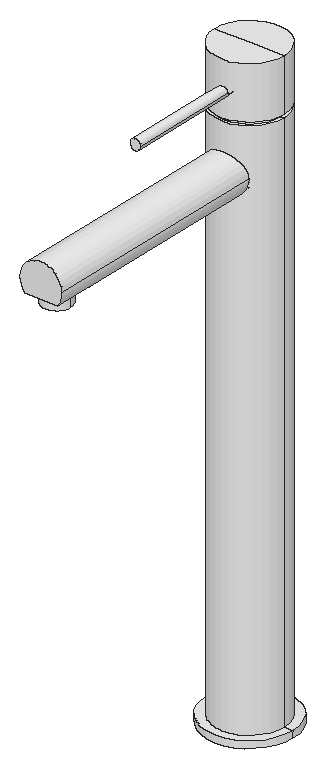
Revit family
Parameters
  Tap Height = 350 mm
  Spout Length = 150 mm
  Material Tap = Metal - Chrome
  Manufacturer = "Revit"
Reference planes
  plane 1 "Center (Front/Back)": y = 0
  plane 2: z = 0
  plane 3 "Center (Left/Right)": x = 0
Forms (mm)
  Revolve 1, solid, material "Metal - Chrome" <- "Material Tap"
    sketch origin (0, 0, 0) x (1, 0, 0) y (0, 0, 1)
      loop
        line (0, 0) -> (0, 350) -> (-20, 350) -> (-20, 320) -> (-18, 320) -> (-18, 318) -> (-20, 318) -> (-20, 4) -> (-25, 4) -> (-25, 0) -> (0, 0)
      axis (0, 0) -> (0, 350)
    angle from 0 to 360
  Extrusion 2, solid, material "Metal - Chrome" <- "Material Tap"
    sketch origin (0, 0, 0) x (1, 0, 0) y (0, 0, 1)
      loop
        circle (0, 333.268) r 3
    from 0 to 82.043
  Extrusion 3, solid, material "Metal - Chrome" <- "Material Tap"
    sketch origin (0, 0, 0) x (1, 0, 0) y (0, 0, 1)
      loop
        circle (0, 290.642) r 12
    from 0 to 150
  Extrusion 4, void
    sketch origin (0, 0, -1.47) x (0, -1, 0) y (0, 0, 1)
      loop
        line (150, 279.642) -> (150, 284.642) -> (125, 284.642) -> (125, 279.642) -> (150, 279.642)
    from -15.058 to 15.415
  Extrusion 5, solid, material "Metal - Chrome" <- "Material Tap"
    sketch origin (0, 0, 0) x (1, 0, 0) y (0, 1, 0)
      loop
        circle (0, -138.721) r 8
    from 277.072 to 283.172
Cuts and joins
  Extrusion 4 cuts Revolve 1
  joined: Revolve 1, Extrusion 5
  Extrusion 4 cuts Extrusion 2
  Extrusion 4 cuts Extrusion 3
Dimensions and locks
  "Tap Height": Revolve 1 sketch curve to level
  locked: Extrusion 4 sketch curve to Extrusion 4 sketch curve at 5
  locked: cut or joined group of Revolve 1, Extrusion 4, Extrusion 5 to Extrusion 5 at 6.1
  locked: cut or joined group of Revolve 1, Extrusion 4, Extrusion 5 to Extrusion 2 sketch curve at 16.732
  locked: cut or joined group of Revolve 1, Extrusion 4, Extrusion 5 to Extrusion 3 sketch curve at 59.358
  locked: cut or joined group of Revolve 1, Extrusion 4, Extrusion 5 to cut or joined group of Extrusion 3, Extrusion 4 at 66.828
  "Spout Length": cut or joined group of Extrusion 3, Extrusion 4 to plane 1 "Center (Front/Back)"
  locked: cut or joined group of Extrusion 3, Extrusion 4 to Extrusion 5 sketch curve at 11.279
  "Spout Length": Extrusion 4 sketch curve to plane 1 "Center (Front/Back)"
  aligned and locked: Extrusion 2 to plane 1 "Center (Front/Back)"
  aligned and locked: Extrusion 3 to plane 1 "Center (Front/Back)"
  aligned and locked: cut or joined group of Revolve 1, Extrusion 4, Extrusion 5 to Extrusion 5
Automatic sketch dimensions
  Revolve 1 sketch curve to level = 0 mm
  Revolve 1 sketch curve to plane 3 "Center (Left/Right)" = 0 mm  (x2)
  Revolve 1 sketch curve to plane 3 "Center (Left/Right)" = 18 mm
  Revolve 1 sketch curve to Revolve 1 sketch curve = 2 mm  (x2)
  Revolve 1 sketch curve to Revolve 1 sketch curve = 0 mm
  Revolve 1 sketch curve to Revolve 1 sketch curve = 5 mm
  Revolve 1 sketch curve to level = 25 mm
  level to Revolve 1 sketch curve = 4 mm
  Revolve 1 sketch curve to Revolve 1 sketch curve = 32 mm
  Revolve 1 sketch curve to Revolve 1 sketch curve = 24 mm
  Extrusion 2 sketch curve to plane 3 "Center (Left/Right)" = 0 mm
  Extrusion 3 sketch curve to plane 3 "Center (Left/Right)" = 0 mm
  Extrusion 5 sketch curve to plane 3 "Center (Left/Right)" = 0 mm
  level to Extrusion 4 sketch curve = 278.172 mm
  Extrusion 4 sketch curve to Extrusion 4 sketch curve = 25 mm
  radius of Extrusion 2 sketch curve = 3 mm
  radius of Extrusion 3 sketch curve = 12 mm
  radius of Extrusion 5 sketch curve = 8 mm
